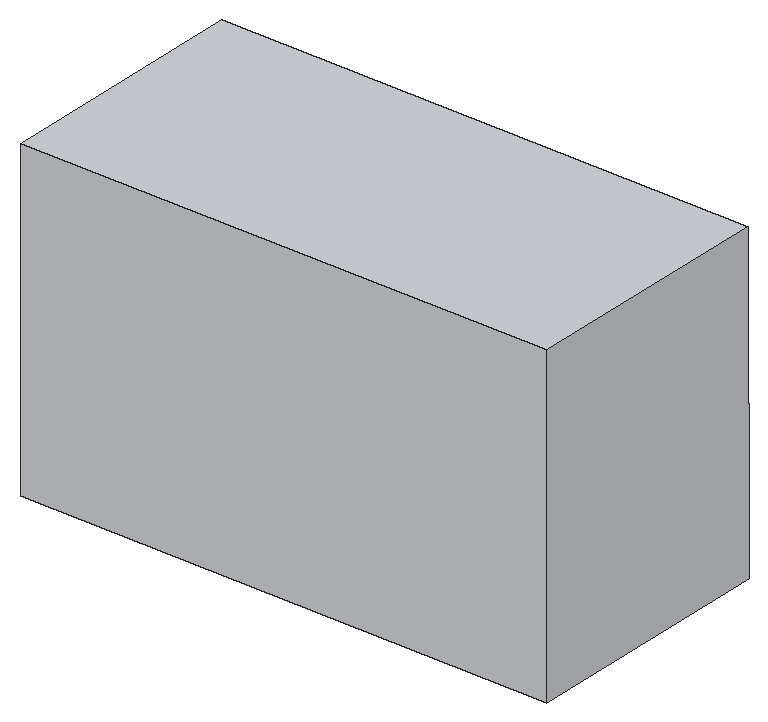
Revit family "Cutout_Wall", category Allgemeines Modell, Revit 2016
Family settings
  Teiletyp = Normal
  Kann Basisbauteil für Bewehrung sein = Nein
  Bemaßung runder Anschluss = Durchmesser verwenden
  Arbeitsebenenbasiert = Nein
  Immer vertikal = Ja
  Beim Laden mit Abzugskörper schneiden = Nein
  Gemeinsam genutzt = Nein
  Raumberechnungspunkt = Nein
Parameters (values of type "WD")
  WD_Durchbruch_Rund_Volumen [instance] = pi() * (WD_Durchbruch_RD ^ 2) * ALG_Durchbruch_Tiefe  # 0.0471239 m³
  WD_Durchbruch_Rund_Fläche [instance] = pi() * (WD_Durchbruch_RD ^ 2)  # 0.19635 m²
  WD_Durchbruch_Rechteck_Volumen [instance] = ALG_Durchbruch_Breite * ALG_Durchbruch_Höhe * ALG_Durchbruch_Tiefe  # 0.036 m³
  WD_Durchbruch_Rechteck_Fläche [instance] = ALG_Durchbruch_Breite * ALG_Durchbruch_Höhe  # 0.15 m²
  WD_Durchbruch_RD [instance] = ALG_Durchbruch_Breite / 2  # 250 mm
  WDR = no
  WD = yes
  ALG_Durchbruch_Versatz_manuell [instance] = 0 mm
  ALG_Durchbruch_UK_ab_Decke [instance] = ALG_Durchbruch_OKKVersatz + ALG_Durchbruch_Breite / 2  # 1750 mm
  ALG_Durchbruch_Tiefe [instance] = 240 mm
  ALG_Durchbruch_OK_ab_Decke [instance] = ALG_Durchbruch_OKKVersatz - ALG_Durchbruch_Breite / 2  # 1250 mm
  ALG_Durchbruch_OKKVersatz [instance] = 1500 mm
  ALG_Durchbruch_Höhe [instance] = 300 mm
  ALG_Durchbruch_Gewerk [instance] = ""
  ALG_Durchbruch_Breite [instance] = 500 mm
Types (2, lengths in mm): name | WDR | WD
  WD | no | yes
  WDR | yes | no
Reference planes
  plane 1 "Mitte (Vorne/Hinten)": y = 0
  plane 2: z = 0
  plane 3 "Mitte (Links/Rechts)": x = 0
  plane 4 "Mitte_WD": z = -1500
Forms (mm)
  Extrusion 1, solid, visible <- "WD"
    sketch origin (0, 0, -1500) x (0, 1, 0) y (-1, 0, 0)
      loop
        line (-120, 250) -> (-120, -250) -> (120, -250) -> (120, 250) -> (-120, 250)
    from -150 to 150
  Extrusion 2, solid, visible <- "WDR"
    sketch origin (0, 0, 0) x (1, 0, 0) y (0, 0, 1)
      loop
        circle (0, -1500) r 250
    from -120 to 120
Lines and regions (mm)
  reference lines
    curve 1: line (0, 670.716, -1350) -> (0, -629.284, -1350)
    curve 2: line (0, 560.86, -1650) -> (0, -629.284, -1650)
    curve 3: line (-4.994, 120, 0) -> (-294.994, 120, 0)
    curve 4: line (-4.994, -120, 0) -> (400, -120, 0)
    curve 5: line (-250, 248.741, 0) -> (-250, -491.259, 0)
    curve 6: line (250, 248.741, 0) -> (250, -491.259, 0)
Dimensions and locks
  "ALG_Durchbruch_OKKVersatz": plane 4 "Mitte_WD" to plane 2
  equal spacing: curve 2, plane 4 "Mitte_WD", curve 1
  "ALG_Durchbruch_Höhe": curve 2 to curve 1
  equal spacing: curve 5, plane 3 "Mitte (Links/Rechts)", curve 6
  equal spacing: curve 4, plane 1 "Mitte (Vorne/Hinten)", curve 3
  "ALG_Durchbruch_Breite": curve 5 to curve 6
  "ALG_Durchbruch_Tiefe": curve 4 to curve 3
  "WD_Durchbruch_RD": radius of Extrusion 2 sketch curve
  aligned and locked: level to plane 2
  aligned and locked: Extrusion 1 to curve 4
  aligned and locked: curve 5 to Extrusion 1
  aligned and locked: Extrusion 1 to curve 3
  aligned and locked: Extrusion 1 to curve 6
  aligned and locked: Extrusion 1 to curve 1
  aligned and locked: curve 2 to Extrusion 1
  aligned and locked: Extrusion 2 sketch curve to plane 3 "Mitte (Links/Rechts)"
  aligned and locked: plane 4 "Mitte_WD" to Extrusion 2 sketch curve
  aligned and locked: Extrusion 2 to curve 3
  aligned and locked: Extrusion 2 to curve 4
  aligned and locked: plane 3 "Mitte (Links/Rechts)" to nested 1
  aligned and locked: plane 1 "Mitte (Vorne/Hinten)" to nested 1
Automatic sketch dimensions
  plane 1 "Mitte (Vorne/Hinten)" to Extrusion 1 sketch curve = 120 mm
  Extrusion 1 sketch curve to plane 1 "Mitte (Vorne/Hinten)" = 120 mm
  plane 3 "Mitte (Links/Rechts)" to Extrusion 1 sketch curve = 250 mm
  Extrusion 1 sketch curve to plane 3 "Mitte (Links/Rechts)" = 250 mm
  plane 1 "Mitte (Vorne/Hinten)" to curve 1 = 629.284 mm
  curve 2 to curve 1 = 0 mm
  curve 2 to plane 1 "Mitte (Vorne/Hinten)" = 560.86 mm
  curve 2 to curve 1 = 109.855 mm
  curve 3 to curve 5 = 44.994 mm
  curve 4 to plane 3 "Mitte (Links/Rechts)" = 4.994 mm
  curve 3 to plane 3 "Mitte (Links/Rechts)" = 4.994 mm
  curve 6 to curve 4 = 150 mm
  curve 5 to curve 4 = 371.259 mm
  curve 6 to curve 4 = 371.259 mm
  curve 6 to plane 1 "Mitte (Vorne/Hinten)" = 248.741 mm
  curve 3 to curve 5 = 128.741 mm
Nested families
  nested 1: "Cutout_WD_Symbol" at (0, 0, 0), Breite <- "ALG_Durchbruch_Breite", Tiefe <- "ALG_Durchbruch_Tiefe", visible <- "WD", type "Cutout_WD_Symbol"
    with Tiefe 240 mm, T1 80 mm, Breite 500 mm, B1 166.667 mm
Definition of nested family "Cutout_WD_Symbol"
  Parameters (values of type "Cutout_WD_Symbol")
    Tiefe [instance] = 200 mm
    B1 [instance] = Breite / 3  # 100 mm
    T1 [instance] = Tiefe / 3  # 66.667 mm
    Breite [instance] = 300 mm
  Reference planes
    plane 1 "Mitte (Vorne/Hinten)": y = 0
    plane 2: z = 0
    plane 3 "Mitte (Links/Rechts)": x = 0
  Lines and regions (mm)
    Masking region 1
      outline origin (0, 0, 0) x (1, 0, 0) y (0, 1, 0)
        loop
          line (-150, 100) -> (-150, -100) -> (150, -100) -> (-100, -66.667) -> (-150, 100)
    symbolic lines
      curve 1: line (-150, -100, 0) -> (150, -100, 0)
      curve 2: line (-150, 100, 0) -> (-150, -100, 0)
      curve 3: line (150, 100, 0) -> (-150, 100, 0)
      curve 4: line (150, -100, 0) -> (150, 100, 0)
      curve 5: line (-150, 100, 0) -> (-100, -66.667, 0)
      curve 6: line (150, -100, 0) -> (-100, -66.667, 0)
  Dimensions and locks
    equal spacing: curve 1, plane 1 "Mitte (Vorne/Hinten)", curve 3
    equal spacing: curve 2, plane 3 "Mitte (Links/Rechts)", curve 4
    "Breite": curve 2 to curve 4
    "Tiefe": curve 1 to curve 3
    "B1": curve 5 to plane 3 "Mitte (Links/Rechts)"
    "T1": plane 1 "Mitte (Vorne/Hinten)" to curve 5
    aligned and locked: level to plane 2
    aligned and locked: Masking region 1 sketch curve to curve 5
    aligned and locked: Masking region 1 sketch curve to curve 2
    aligned and locked: Masking region 1 sketch curve to curve 1
    aligned and locked: Masking region 1 sketch curve to curve 6
